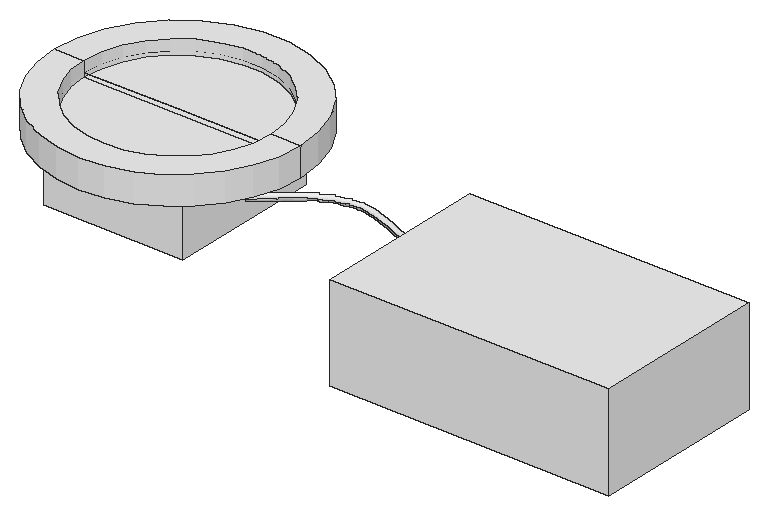
Revit family "LBSE-RD-RM", category Lighting Fixtures, host Face, Revit 2021
Family settings
  Host = Face
  Round Connector Dimension = Use Diameter
  Part Type = Normal
  OmniClass Number = 23.80.70.11.14.11
  OmniClass Title = Downlights
  Cut with Voids When Loaded = No
  Light Source = Yes
  Shared = Yes
  Room Calculation Point = No
Parameters (values of type "LBSE-4RD-RM")
  Width = 4.16016"
  Wattage Comments = ""
  Wattage = 25 W
  Warranty = "Five years warranty"  # constant formula
  built-in parameter 1150110 = 1 (stored number, unit not read)
  Voltage = if(Is 120V, 120 V, 277 V)  # 120 V
  URL = "https://www.hubbell.com/prescolite/en"
  Type Comments = "Light Fixture"  # constant formula
  built-in parameter 1114217 = 1 (stored number, unit not read)
  Tilt Angle = -90.00°
  built-in parameter 1150109 = 1 (stored number, unit not read)
  built-in parameter 1150134 = (empty or 0)
  built-in parameter 1150113 = 1 (stored number, unit not read)
  Product Page URL = "https://www.hubbell.com/prescolite/en/Products/Lighting-Controls/Commercial-Indoor-Lighting/Recessed-Downlights/LITEBOX-Edge-Lit-Round-Fixed-CCT-Downlight-wRemote-J-Box/p/5227605"
  Product Material = Paint - Hubbell - White
  Product Documentation Link = "https://hubbellcdn.com/specsheet/LBSE-RD-RM.pdf"
  Photometric Web Link = "https://www.hubbell.com/prescolite/en/Products/Lighting-Controls/Commercial-Indoor-Lighting/Recessed-Downlights/LITEBOX-Edge-Lit-Round-Fixed-CCT-Downlight-wRemote-J-Box/p/5227605"
  Photometric Web File = "LBSE-4RD-RM-30K8.ies"
  Photometric Notes = "More IES files download on Photometric Web Link"  # constant formula
  Model = "LBSE-RD-RM"  # constant formula
  Manufacturer = "Prescolite"  # constant formula
  built-in parameter 1150105 = 175.07 (stored number, unit not read)
  Lumens = 2200 lm
  built-in parameter 1150115 = 1 (stored number, unit not read)
  Load Classification = Lighting
  built-in parameter 1150137 = (empty or 0)
  built-in parameter 1150139 = (empty or 0)
  built-in parameter 1150112 = 1 (stored number, unit not read)
  built-in parameter 1150114 = 1 (stored number, unit not read)
  Lamp = " LED's"  # constant formula
  Is 277V = not(Is 120V)  # no
  Is 120V = yes
  built-in parameter 1150132 = (empty or 0)
  built-in parameter 1150102 = (empty or 0)
  built-in parameter 1150107 = 3000 (stored number, unit not read)
  built-in parameter 1150138 = (empty or 0)
  built-in parameter 1150106 = 1.7507 (stored number, unit not read)
  Glass = Hubbell - White Glass
  Frequency = 60 Hz  # constant formula
  Features = "•\t4-inch 6-inch and 8-inch aperature, delivering 750-1750 lumens\r\n•\tLow surface profile of 1/2inch\r\n•\tQuick snap installation with no housing required\r\n•\tRemote Driver J-Box included\r\n•\tFixed CCT (3000K or 3500K, 80+ CRI) options\r\n•\tUniversal 120-277V, ideal for commercial applications\r\n•\tAll models standard with 0-10V/Triac/ELV dimming\r\n•\tLong life L80 at 54,000 hrs (TM-21)\r\n•\tFive year warranty\r\n"  # constant formula
  Emit from Circle Diameter = 3.00"
  Emit Shape Visible in Rendering = yes
  built-in parameter 1150104 = 8.1755 (stored number, unit not read)
  Dimming Lamp Color Temperature Shift = <None>
  Description = "LITEBOX® Edge-Lit Round Fixed CCT Downlight w/Remote J-Box"  # constant formula
  Default Elevation = 48.00"
  Copyright = "© 2021 Prescolite, a division of Hubbell Lighting, Inc. Specifications subject to change without notice"  # constant formula
  Contact Us = "https://www.hubbell.com/prescolite/en/"
  Connector Description = "Lighting Connector"  # constant formula
  Color Filter = 16777215
  Certifications = "cETLus listed to UL 1598\r\n• Can be used in direct contact with insulation\r\n(IC Rated)\r\n• Suitable for wet locations, covered ceiling\r\n• Certified Air Tight per ASTM E283\r\n• Suitable for use in clothes closets when\r\ninstalled in accordance to N.E.C. 410.16\r\n• ENERGY STAR® certified\r\n• EM Accessory: ETL Listed to UL 924\r\n(for use with LiteBox® Edge-lit Remote\r\nMount models only"  # constant formula
  built-in parameter 1114218 = 1 (stored number, unit not read)
  built-in parameter 1150133 = 10 (stored number, unit not read)
  Apparent Load = 52 VA
Types (4): name | Width | Photometric Web File | Emit from Circle Diameter
  (no name) | 4.16016" | "LBSE-4RD-RM-30K8.ies" | 3.00"
  LBSE-4RD-RM | 4.16016" | "LBSE-4RD-RM-30K8.ies" | 3.00"
  LBSE-6RD-RM | 6.00" | "LBSE-6RD-RM-30K8.ies" | 5.00"
  LBSE-8RD-RM | 8.00" | "LBSE-8RD-RM-30K8.ies" | 7.50"
Reference planes (in)
  plane 1 "Center (Front/Back)": y = 0
  plane 2: z = 0
  plane 3 "Center (Left/Right)": x = 0
  plane 4: y = 3
  plane 5: y = -3
  plane 6: y = 2
  plane 7: y = -2
  plane 8: x = -2.08008
  plane 9: x = 2.08008
  plane 10: z = 0.48047
  plane 11: z = 1.41016
  plane 12: x = 1.58008
Forms (in)
  Revolve 1, solid, material "Paint - Hubbell - White" <- "Product Material"
    sketch origin (0, 0, 0) x (1, 0, 0) y (0, 0, 1)
      loop
        line (0, 0) -> (2.08008, 0) -> (2.08008, 0.48047) -> (1.58008, 0.48047) -> (1.58008, 0.23047) -> (0, 0.23047) -> (0, 0)
      axis (0, 0.48047) -> (0, 0)
    angle from 0 to 360
  Revolve 2, solid, material "Hubbell - White Glass" <- "Glass"
    sketch origin (0, 0, 0) x (1, 0, 0) y (0, 0, 1)
      loop
        line (0, 0.23047) -> (1.58008, 0.23047) -> (1.58008, 0.30213) -> (0, 0.30213) -> (0, 0.23047)
      axis (0, 0.30213) -> (0, 0.23047)
    angle from 0 to 360
  Extrusion 3, solid, material "Paint - Hubbell - White" <- "Product Material"
    sketch origin (0, 0, 0) x (1, 0, 0) y (0, 1, 0)
      loop
        line (-1.21198, -1.31071) -> (1.13802, -1.31071) -> (1.13802, 1.275) -> (-1.21198, 1.275) -> (-1.21198, -1.31071)
    from -1 to 0
  Sweep 4, solid, material "Paint - Hubbell - White" <- "Product Material"
    path origin (0, 0, 0) x (1, 0, 0) y (0, 1, 0)
      loop
        spline (1.13802, 0) -> (1.57667, 0.39011) -> (1.95174, 0.62728) -> (2.27859, 0.73845) -> (2.5726, 0.75054) -> (2.84914, 0.69049) -> (3.12356, 0.58523) -> (3.4116, 0.45933) -> (3.7304, 0.32784) -> (4.09745, 0.20346) -> (4.53024, 0.09889) -> (5.04626, 0.02684) -> (5.66302, 0)
    profile origin (3.12356, 0.58523, 0) x (0.392592, 0.919713, 0) y (0, 0, 1)
      loop
        circle (0, -0.625) r 0.05
  Extrusion 5, solid, material "Paint - Hubbell - White" <- "Product Material"
    sketch origin (0, 0, 0.6875) x (1, 0, 0) y (0, 1, 0)
      loop
        line (3.7431, 1.475) -> (3.7431, -1.475) -> (8.4431, -1.475) -> (8.4431, 1.475) -> (3.7431, 1.475)
    from -2.61 to -1
Dimensions and locks (in)
  "Width": plane 9 to plane 8
  equal spacing: plane 9, plane 3 "Center (Left/Right)", plane 8
  locked: plane 9 to plane 12 at 0.5
  aligned and locked: plane 2 to host face
  aligned and locked: level to host face
  aligned and locked: Revolve 1 sketch curve to plane 3 "Center (Left/Right)"
  aligned and locked: plane 9 to Revolve 1 sketch curve
  aligned and locked: Revolve 1 sketch curve to plane 12
  aligned and locked: Revolve 1 sketch curve to plane 10
Automatic sketch dimensions
  host sketch curve to host sketch curve = 96.00"  (x2)
  Revolve 1 sketch curve to level = 0.00"
  Revolve 1 sketch curve to plane 3 "Center (Left/Right)" = 0.00"
  level to Revolve 1 sketch curve = 0.23047"
  Revolve 1 sketch curve to level = 24.00"
  Revolve 1 sketch curve to plane 11 = 26.23402"
  Revolve 2 sketch curve to plane 3 "Center (Left/Right)" = 0.00"  (x2)
  Revolve 2 sketch curve to plane 12 = 0.00"
  level to Revolve 2 sketch curve = 0.23047"
  Revolve 2 sketch curve to Revolve 2 sketch curve = 0.07167"
  Revolve 2 sketch curve to level = 24.00"
  Revolve 2 sketch curve to plane 11 = 26.23402"
  plane 6 to Extrusion 3 sketch curve = 0.725"
  Extrusion 3 sketch curve to plane 3 "Center (Left/Right)" = 1.21198"
  plane 3 "Center (Left/Right)" to Extrusion 3 sketch curve = 1.13802"
  Extrusion 3 sketch curve to plane 7 = 0.68929"
  Sweep 4 sketch curve to profile plane = 0.00"
  Sweep 4 sketch curve to level = 0.625"
  Extrusion 5 sketch curve to plane 7 = 0.525"
  plane 9 to Extrusion 5 sketch curve = 1.66302"
  Extrusion 5 sketch curve to Extrusion 5 sketch curve = 4.70"
  plane 6 to Extrusion 5 sketch curve = 0.525"
  radius of Sweep 4 sketch curve = 0.05"
Connectors (in)
  electrical at (0, 0, 0), driven by "Connector Description", driven by "Voltage", driven by "Apparent Load", driven by "Load Classification"
    settings: on host face, index 1, voltage 120 V, apparent load 52 VA, apparent load phase1 0 VA, apparent load phase2 0 VA, apparent load phase3 0 VA, power factor 0.9, load classification "Lighting", number of poles 1, system type 30, power factor state 1, is connector primary yes, connector utility no, sub classification motor no, connector description "Lighting Connector"
